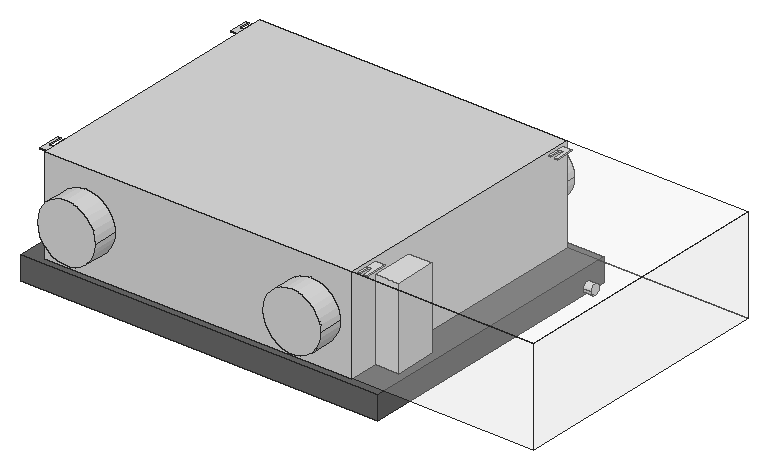
Revit family "lgh-n50_100rhw_rhp_60Hz", category 機械設備, Revit 2019
Family settings
  丸型コネクタ寸法 = 直径を使用
  パーツ タイプ = 標準
  OmniClass 番号 = 23.75.10.34.21
  OmniClass タイトル = Heat Exchangers for Ventilation Air
  作業面ベース = いいえ
  常に垂直 = はい
  ロード時にボイドで切り取り = いいえ
  共有 = いいえ
  部屋計算ポイント = はい
Parameters (values of type "LGH-N50RHP")
  騒音レベル(dB(A)) = 34
  風量 = MAX風量  # 500.0 m³/h
  面風速 = 4.42 m/s
  電源種別 [instance] = "一般"
  電圧 = 100 V
  電動機出力 = 0 W
  集中コントローラ = ""
  運転質量 = 0.00 kg
  連動 [instance] = ""
  質量 = if(製品質量 > 運転質量, 製品質量, 運転質量) * 1.2  # 50.40 kg
  負荷分類 = 3_ファン類
  説明 = "業務用ロスナイ 耐湿形"
  設計風量 = 0.0 m³/h
  設置方法 = "天井吊(隠ぺい)形"
  記号 [instance] = ""
  製造元 = "三菱電機株式会社"
  製品質量 = 42.00 kg
  製品出荷対象 = "国内"
  製品リリース年月 = "2013/7/1"
  製品グループ = ""
  系統 [instance] = ""
  符号 = "HEU"
  積算_科目 = "1 空気調和設備"
  積算_拾い区分 [instance] = ""
  相 = 1
  盤記号 [instance] = ""
  発停方法 [instance] = "別売スイッチ"
  特殊仕様 [instance] = ""
  点検口高さ = -317 mm
  点検口離隔 = 150 mm
  点検口_Width = 点検口_Depth  # 450 mm
  点検口_Depth = 450 mm
  点検口 = yes
  火災停止 [instance] = ""
  温度交換効率 = 67.00%
  消費電力_加湿器 = 0 W
  消費電力 = 281 W
  法定耐用年数 = "15"
  機外静圧_排気 = 150.0 Pa
  機外静圧 = 150.0 Pa
  極数 = 2
  材質 [instance] = ""
  本体マテリアル = ポリエステル塗装鋼板
  有効加湿量 = 3.2
  操作・制御方式 = ""
  操作・制御スイッチ = ""
  排気量 = 0.0 m³/h
  形式_加湿器 = ""
  形式 = "天井埋込ダクト形"
  幹線記号 [instance] = ""
  対象室 [instance] = ""
  実風量 = 0.0 m³/h
  始動方式 [instance] = "直入"
  天吊金具_径 = 6.5 mm
  天吊金具_幅 = 30 mm
  外気量 = 設計風量  # 0.0 m³/h
  呼称 = "全熱交換ユニット"
  周波数 = 60 Hz
  天吊金具ピッチ2 = 790 mm
  天吊金具ピッチ1 = 1048 mm
  天吊金具_高さ = 7 mm
  参照している仕様書等のバージョン = ""
  初期抵抗 = 0.0 Pa
  分類コード = "50054502100010"
  分類グループ = ""
  価格 = 345000
  企業コード = "108420"
  付属品_フィルター_還気 = ""
  付属品_フィルター = ""
  付属品 [instance] = ""
  仕様書バージョン = "Version1.0"
  モデル = "LGH-N50RHP"
  メンテナンススペース = yes
  ドレン管径 = 32 mm
  ドレン管_D = 71 mm
  ドレン管_H = 374 mm
  ドレン管_Depth = 28 mm
  ドレン皿材質 = ABS樹脂
  ドレン皿_Height = 77 mm
  コメント [instance] = ""
  Keynote = ""
  エンタルピ交換効率_暖房 = 0.00%
  エンタルピ交換効率_冷房 = 0.00%
  Assembly Code = ""
  Width = 1016 mm
  Version = ""
  Uniclass2015Version = "Systems v1.9"
  Uniclass2015Title = "Thermal wheels"
  Uniclass2015Code = "Pr_60_60_36_88"
  URL = "https://www.mitsubishielectric.co.jp/ldg/wink/ssl/displayProduct.do?pid=212042"
  SpecificationReference = ""
  SpecificationDescription = ""
  SAサイズ_W = 0 mm
  SAサイズ_D = 192 mm
  Revision = ""
  RAサイズ_W = 0 mm
  RAサイズ_D = 192 mm
  ProductInformation = ""
  OmniClassCode = "23-27 23 19 11"
  OAサイズ_W = 0 mm
  OAサイズ_D = 192 mm
  ドレン皿_Width = 1183 mm
  ドレン皿_Depth = 934 mm
  MIN風量 = 260.0 m³/h
  MIN静圧 = 40.0 Pa
  MAX風量 = 500.0 m³/h
  MAX静圧 = 150.0 Pa
  IfcTypeProduct = ""
  IfcProduct = ""
  IfcExportType = "ROTARYWHEEL"
  IfcExportAs = "IfcAirToAirHeatRecoveryType"
  Height = 317 mm
  EAサイズ_W = 0 mm
  EAサイズ_D = 192 mm
  Duct_Pitch = 745 mm
  Duct_Height = 158.5 mm
  Duct_Depth = 79 mm
  Depth = 888 mm
  Clearance Top = 0 mm
  Clearance Right = 600 mm
  Clearance Bottom = 0 mm
  Box_Depth = 136 mm
  Box_Height = 267 mm
  Box_H = 46 mm
  Box_Width = 80 mm
  Box_D = 94 mm
  Author = "三菱電機株式会社"
Types (4, lengths in mm): name | 騒音レベル(dB(A)) | 風量 | 面風速 | 質量 | 製品質量 | 点検口高さ | 消費電力 | 機外静圧_排気 | 機外静圧 | 天吊金具ピッチ2 | 天吊金具ピッチ1 | 分類コード | 価格 | モデル | ドレン管_D | ドレン管_H | エンタルピ交換効率_暖房 | エンタルピ交換効率_冷房 | Width | URL | SAサイズ_D | RAサイズ_D | OAサイズ_D | ドレン皿_Width | ドレン皿_Depth | MIN風量 | MIN静圧 | MAX風量 | MAX静圧 | Height | EAサイズ_D | Duct_Pitch | Duct_Height | Depth | Box_H | Box_D
  LGH-N50RHP | 34 | 500.0 m³/h | 4.42 m/s | 50.40 kg | 42.00 kg | -317 | 281 W | 150.0 Pa | 150.0 Pa | 790 | 1048 | "50054502100010" | 345000 | "LGH-N50RHP" | 71 | 374 | 0.00% | 0.00% | 1016 | "https://www.mitsubishielectric.co.jp/ldg/wink/ssl/displayProduct.do?pid=212042" | 192 | 192 | 192 | 1183 | 934 | 260.0 m³/h | 40.0 Pa | 500.0 m³/h | 150.0 Pa | 317 | 192 | 745 | 158.5 | 888 | 46 | 94
  LGH-N50RHW | 34 | 500.0 m³/h | 4.42 m/s | 50.40 kg | 42.00 kg | -317 | 281 W | 150.0 Pa | 150.0 Pa | 790 | 1048 | "50052504100070" | 376000 | "LGH-N50RHW" | 71 | 374 | 53.00% | 46.00% | 1016 | "https://www.mitsubishielectric.co.jp/ldg/wink/ssl/displayProduct.do?pid=212461" | 192 | 192 | 192 | 1183 | 934 | 260.0 m³/h | 40.0 Pa | 500.0 m³/h | 150.0 Pa | 317 | 192 | 745 | 158.5 | 888 | 46 | 94
  LGH-N100RHP | 37 | 1000.0 m³/h | 5.66 m/s | 99.60 kg | 83.00 kg | -398 | 630 W | 180.0 Pa | 180.0 Pa | 1030 | 1263 | "50054502100010" | 653000 | "LGH-N100RHP" | 90 | 455 | 0.00% | 0.00% | 1231 | "https://www.mitsubishielectric.co.jp/ldg/wink/ssl/displayProduct.do?pid=212043" | 242 | 242 | 242 | 1398 | 1210 | 680.0 m³/h | 85.0 Pa | 1000.0 m³/h | 180.0 Pa | 398 | 242 | 920 | 199 | 1164 | 127 | 129
  LGH-N100RHW | 37 | 1000.0 m³/h | 5.66 m/s | 99.60 kg | 83.00 kg | -398 | 630 W | 180.0 Pa | 180.0 Pa | 1030 | 1263 | "50052504100070" | 696000 | "LGH-N100RHW" | 90 | 455 | 55.00% | 46.00% | 1231 | "https://www.mitsubishielectric.co.jp/ldg/wink/ssl/displayProduct.do?pid=212460" | 242 | 242 | 242 | 1398 | 1210 | 680.0 m³/h | 85.0 Pa | 1000.0 m³/h | 180.0 Pa | 398 | 242 | 920 | 199 | 1164 | 127 | 129
Reference planes
  plane 1 "中心(正面/背面)": y = 0
  plane 2: z = 0
  plane 3 "中心(左/右)": x = 0
  plane 4: x = -508
  plane 5: x = 508
  plane 6: y = 444
  plane 7: y = -444
  plane 8: z = -317
  plane 9: z = -158.5
  plane 10: y = -523
  plane 11: y = 523
  plane 12: x = -372.5
  plane 13: x = 372.5
  plane 14: y = -350
  plane 15: z = -46
  plane 16: y = -214
  plane 17: z = -313
  plane 18: x = 588
  plane 19: y = 396
  plane 20: z = -374
  plane 21: x = 640
  plane 22: z = 0
  plane 23: y = 225
  plane 24: x = -524
  plane 25: x = 524
  plane 26: y = -395
  plane 27: y = 395
  plane 28: y = 300.5
  plane 29: y = -225
  plane 30: x = -540
  plane 31: x = 540
  plane 32: y = 365
  plane 33: y = 425
  plane 34: z = -7
  plane 35: z = -10
  plane 36: y = -365
  plane 37: y = -425
  plane 38: x = 1108
  plane 39: x = 658
  plane 40: z = -394
  plane 41: x = -571
  plane 42: x = 612
  plane 43: y = 467
  plane 44: y = -467
  plane 45: z = -317
Forms (mm)
  Extrusion 1, solid, material "ポリエステル塗装鋼板" <- "本体マテリアル", detail levels fine
    sketch origin (0, 0, 0) x (1, 0, 0) y (0, 1, 0)
      loop
        line (-508, 444) -> (-508, -444) -> (508, -444) -> (508, 444) -> (-508, 444)
    from 0 to -317
  Extrusion 2, solid, material "ポリエステル塗装鋼板" <- "本体マテリアル", detail levels fine
    sketch origin (0, 0, 0) x (1, 0, 0) y (0, 0, 1)
      loop
        circle (-372.5, -158.5) r 96
    from 444 to 523
  Extrusion 3, solid, material "ポリエステル塗装鋼板" <- "本体マテリアル", detail levels fine
    sketch origin (0, 0, 0) x (1, 0, 0) y (0, 0, 1)
      loop
        circle (-372.5, -158.5) r 96
    from -523 to -444
  Extrusion 4, solid, material "ポリエステル塗装鋼板" <- "本体マテリアル", detail levels fine
    sketch origin (0, 0, 0) x (1, 0, 0) y (0, 0, 1)
      loop
        circle (372.5, -158.5) r 96
    from -523 to -444
  Extrusion 5, solid, material "ポリエステル塗装鋼板" <- "本体マテリアル", detail levels fine
    sketch origin (0, 0, 0) x (0, 1, 0) y (0, 0, 1)
      loop
        line (-350, -46) -> (-350, -313) -> (-214, -313) -> (-214, -46) -> (-350, -46)
    from 588 to 508
  Extrusion 6, solid, material "ポリエステル塗装鋼板" <- "本体マテリアル", detail levels fine
    sketch origin (0, 0, 0) x (0, 1, 0) y (0, 0, 1)
      loop
        circle (396, -374) r 16
    from 640 to 612
  Extrusion 7, solid, material "ポリエステル塗装鋼板" <- "本体マテリアル", detail levels fine
    sketch origin (0, 0, 0) x (1, 0, 0) y (0, 0, 1)
      loop
        circle (372.5, -158.5) r 96
    from 444 to 523
  Extrusion 8, solid, material "ABS樹脂" <- "ドレン皿材質"
    sketch origin (0, 0, 0) x (1, 0, 0) y (0, 1, 0)
      loop
        line (-571, 467) -> (-571, -467) -> (612, -467) -> (612, 467) -> (-571, 467)
    from -394 to -317
  Extrusion 9, solid, material "ポリエステル塗装鋼板" <- "本体マテリアル"
    sketch origin (0, 0, 0) x (1, 0, 0) y (0, 1, 0)
      loop
        line (-540, 425) -> (-540, 365) -> (-508, 365) -> (-508, 425) -> (-517.5, 425) -> (-517.5, 395)
        arc (-517.5, 395) -> (-524, 388.5) -> (-530.5, 395) r 6.5
        line (-530.5, 395) -> (-530.5, 425) -> (-540, 425)
    from -10 to -7
  Extrusion 10, solid, material "ポリエステル塗装鋼板" <- "本体マテリアル"
    sketch origin (0, -700, 0) x (1, 0, 0) y (0, 1, 0)
      loop
        line (-540, 350) -> (-540, 275) -> (-508, 275) -> (-508, 350) -> (-517.5, 350) -> (-517.5, 305)
        arc (-517.5, 305) -> (-524, 298.5) -> (-530.5, 305) r 6.5
        line (-530.5, 305) -> (-530.5, 350) -> (-540, 350)
    from -10 to -7
  Extrusion 11, solid, material "ポリエステル塗装鋼板" <- "本体マテリアル"
    sketch origin (0, -700, 0) x (-1, 0, 0) y (0, -1, 0)
      loop
        line (-508, -275) -> (-517.5, -275) -> (-517.5, -305)
        arc (-517.5, -305) -> (-524, -311.5) -> (-530.5, -305) r 6.5
        line (-530.5, -305) -> (-530.5, -275) -> (-540, -275) -> (-540, -350) -> (-508, -350) -> (-508, -275)
    from -10 to -7
  Extrusion 12, solid, material "ポリエステル塗装鋼板" <- "本体マテリアル"
    sketch origin (0, 0, 0) x (-1, 0, 0) y (0, -1, 0)
      loop
        line (-508, -365) -> (-517.5, -365) -> (-517.5, -395)
        arc (-517.5, -395) -> (-524, -401.5) -> (-530.5, -395) r 6.5
        line (-530.5, -395) -> (-530.5, -365) -> (-540, -365) -> (-540, -425) -> (-508, -425) -> (-508, -365)
    from -10 to -7
Lines and regions (mm)
  Masking region 1, detail levels coarse+medium
    outline origin (0, 0, 0) x (1, 0, 0) y (0, 1, 0)
      loop
        line (-508, 444) -> (-508, -444) -> (508, -444) -> (508, 444) -> (-508, 444)
  symbolic lines, detail levels coarse+medium
    curve 1: line (-1.977, 441.477, 0) -> (-508, 0, 0)
    curve 2: line (-508, 0, 0) -> (1.977, -441.477, 0)
    curve 3: line (1.977, -441.477, 0) -> (508, 0, 0)
    curve 4: line (508, 0, 0) -> (-1.977, 441.477, 0)
Dimensions and locks
  equal spacing: plane 4, plane 3 "中心(左/右)", plane 5
  "Width": plane 4 to plane 5
  equal spacing: plane 6, plane 1 "中心(正面/背面)", plane 7
  "Depth": plane 6 to plane 7
  "Duct_Depth": plane 7 to plane 10
  "Duct_Depth": plane 6 to plane 11
  equal spacing: plane 12, plane 3 "中心(左/右)", plane 13
  "Duct_Pitch": plane 12 to plane 13
  "Box_D": plane 14 to plane 7
  "Box_Depth": plane 16 to plane 14
  "Box_Height": plane 15 to plane 17
  "Clearance Top": level to plane 22
  equal spacing: plane 24, plane 3 "中心(左/右)", plane 25
  "天吊金具ピッチ1": plane 24 to plane 25
  equal spacing: plane 27, plane 1 "中心(正面/背面)", plane 26
  "天吊金具ピッチ2": plane 27 to plane 26
  equal spacing: plane 33, plane 27, plane 32
  "天吊金具_高さ": level to plane 34
  locked: plane 34 to plane 35 at 3
  equal spacing: plane 37, plane 26, plane 36
  "Box_Width": plane 5 to plane 18
  "Clearance Right": plane 5 to plane 38
  "点検口離隔": plane 5 to plane 39
  equal spacing: plane 23, plane 1 "中心(正面/背面)", plane 29
  "点検口_Depth": plane 23 to plane 29
  "ドレン皿_Width": plane 41 to plane 42
  equal spacing: plane 43, plane 1 "中心(正面/背面)", plane 44
  "ドレン皿_Depth": plane 43 to plane 44
  "ドレン管_H": plane 20 to level
  "ドレン管_Depth": plane 42 to plane 21
  "天吊金具_幅": plane 33 to plane 27
  "天吊金具_幅": plane 36 to plane 26
  equal spacing: plane 30, plane 24, plane 4
  equal spacing: plane 5, plane 25, plane 31
  "天吊金具_径": nested 2 to Extrusion 9 sketch curve
  "天吊金具_径": plane 24 to Extrusion 10 sketch curve
  "天吊金具_径": plane 25 to Extrusion 11 sketch curve
  "天吊金具_径": plane 25 to Extrusion 12 sketch curve
  "ドレン管_D": plane 19 to plane 43
  "Box_H": level to plane 15
  "Duct_Height": level to plane 9
  "Height": level to plane 8
  "ドレン皿_Height": plane 8 to plane 40
  locked: plane 5 to plane 42 at 104
  "Clearance Bottom": plane 8 to plane 45
  "OAサイズ_D": diameter of Extrusion 3 sketch curve
  "EAサイズ_D": diameter of Extrusion 4 sketch curve
  "ドレン管径": diameter of Extrusion 6 sketch curve
  "RAサイズ_D": diameter of Extrusion 2 sketch curve
  "SAサイズ_D": diameter of Extrusion 7 sketch curve
  "天吊金具_径": radius of Extrusion 9 sketch curve
  "天吊金具_径": radius of Extrusion 10 sketch curve
  "天吊金具_径": radius of Extrusion 11 sketch curve
  "天吊金具_径": radius of Extrusion 12 sketch curve
  aligned and locked: level to plane 2
  aligned and locked: Masking region 1 to plane 7
  aligned and locked: Masking region 1 to plane 4
  aligned and locked: plane 6 to Masking region 1
  aligned and locked: plane 5 to Masking region 1
  aligned and locked: Extrusion 1 to plane 8
  aligned and locked: plane 7 to Extrusion 2
  aligned and locked: Extrusion 4 to plane 11
  aligned and locked: Extrusion 3 to plane 11
  aligned and locked: Extrusion 3 to plane 6
  aligned and locked: Extrusion 4 to plane 6
  aligned and locked: Extrusion 5 to plane 18
  aligned and locked: Extrusion 5 to plane 17
  aligned and locked: plane 14 to Extrusion 5
  aligned and locked: Extrusion 5 to plane 16
  aligned and locked: plane 15 to Extrusion 5
  aligned and locked: Extrusion 6 to plane 21
  aligned and locked: nested 1 to plane 6
  aligned and locked: nested 1 to plane 7
  aligned and locked: plane 25 to nested 2
  aligned and locked: plane 27 to nested 2
  aligned and locked: nested 2 to plane 26
  aligned and locked: plane 24 to nested 2
  aligned and locked: nested 3 to plane 23
  aligned and locked: plane 29 to nested 3
  aligned and locked: Extrusion 2 to plane 10
  aligned and locked: Extrusion 2 to Extrusion 7
  aligned and locked: Extrusion 7 to Masking region 1
  aligned and locked: Extrusion 5 to plane 5
  aligned and locked: nested 1 to plane 38
  aligned and locked: plane 5 to nested 1
  aligned and locked: nested 3 to plane 38
  aligned and locked: nested 3 to plane 39
  aligned and locked: Extrusion 8 sketch curve to plane 43
  aligned and locked: plane 41 to Extrusion 8 sketch curve
  aligned and locked: Extrusion 8 sketch curve to plane 44
  aligned and locked: plane 42 to Extrusion 8 sketch curve
  aligned and locked: Extrusion 8 to Extrusion 1
  aligned and locked: plane 8 to Extrusion 8
  aligned and locked: Extrusion 8 to plane 40
  aligned and locked: plane 42 to Extrusion 6
  aligned and locked: plane 4 to Extrusion 9 sketch curve
  aligned and locked: Extrusion 9 sketch curve to plane 32
  aligned and locked: Extrusion 9 sketch curve to plane 30
  aligned and locked: plane 33 to Extrusion 9 sketch curve  (x2)
  aligned and locked: plane 4 to Extrusion 10 sketch curve
  aligned and locked: Extrusion 10 sketch curve to plane 37
  aligned and locked: Extrusion 10 sketch curve to plane 30
  aligned and locked: plane 14 to Extrusion 10 sketch curve  (x2)
  aligned and locked: plane 31 to Extrusion 11 sketch curve
  aligned and locked: plane 14 to Extrusion 11 sketch curve
  aligned and locked: plane 5 to Extrusion 11 sketch curve
  aligned and locked: Extrusion 11 sketch curve to plane 37  (x2)
  aligned and locked: plane 31 to Extrusion 12 sketch curve
  aligned and locked: plane 33 to Extrusion 12 sketch curve
  aligned and locked: plane 5 to Extrusion 12 sketch curve
  aligned and locked: Extrusion 12 sketch curve to plane 32  (x2)
  aligned and locked: Extrusion 10 to plane 35
  aligned and locked: plane 34 to Extrusion 10
  aligned and locked: Extrusion 9 to plane 35
  aligned and locked: plane 34 to Extrusion 9
  aligned and locked: Extrusion 11 to plane 35
  aligned and locked: plane 34 to Extrusion 11
  aligned and locked: Extrusion 12 to plane 35
  aligned and locked: plane 34 to Extrusion 12
  aligned and locked: plane 22 to nested 1
  aligned and locked: plane 45 to nested 1
Automatic sketch dimensions
  plane 1 "中心(正面/背面)" to curve 1 = 0 mm
  curve 1 to plane 4 = 0 mm
  plane 1 "中心(正面/背面)" to curve 4 = 0 mm
  curve 4 to plane 5 = 0 mm
  curve 4 to plane 3 "中心(左/右)" = 1.977 mm
  plane 3 "中心(左/右)" to curve 3 = 1.977 mm
  plane 7 to curve 3 = 2.523 mm
  curve 4 to plane 6 = 2.523 mm
  Masking region 1 sketch curve to plane 4 = 0 mm
  Masking region 1 sketch curve to plane 5 = 0 mm
  Masking region 1 sketch curve to plane 7 = 0 mm
  Masking region 1 sketch curve to plane 6 = 0 mm
  Extrusion 1 sketch curve to plane 4 = 0 mm
  Extrusion 1 sketch curve to plane 5 = 0 mm
  Extrusion 1 sketch curve to plane 7 = 0 mm
  Extrusion 1 sketch curve to plane 6 = 0 mm
  Extrusion 2 sketch curve to plane 9 = 0 mm
  plane 12 to Extrusion 2 sketch curve = 0 mm
  Extrusion 3 sketch curve to plane 9 = 0 mm
  plane 12 to Extrusion 3 sketch curve = 0 mm
  Extrusion 4 sketch curve to plane 9 = 0 mm
  plane 13 to Extrusion 4 sketch curve = 0 mm
  Extrusion 5 sketch curve to plane 14 = 0 mm
  Extrusion 5 sketch curve to plane 16 = 0 mm
  Extrusion 5 sketch curve to plane 17 = 0 mm
  Extrusion 5 sketch curve to plane 15 = 0 mm
  Extrusion 6 sketch curve to plane 19 = 0 mm
  plane 20 to Extrusion 6 sketch curve = 0 mm
  Extrusion 7 sketch curve to plane 9 = 0 mm
  plane 13 to Extrusion 7 sketch curve = 0 mm
  Extrusion 9 sketch curve to plane 27 = 0 mm
  Extrusion 10 sketch curve to plane 26 = 0 mm
  Extrusion 11 sketch curve to plane 26 = 0 mm
  Extrusion 12 sketch curve to plane 27 = 0 mm
Nested families
  nested 1: "メンテナンススペース" at (808, 0, -158.5), visible <- "メンテナンススペース", type "メンテナンススペース"
    with Width 600 mm, Height 317 mm, Depth 888 mm
  nested 2: "固定点" at (-524, -395, 0), type "固定点"
    with W 1048 mm, D 790 mm
  nested 3: "点検口設置範囲" at (883, 0, -317), Width <- "点検口_Width", built-in parameter 1001364 <- "点検口高さ", visible <- "点検口", type "点検口設置範囲"
    with Width 450 mm, Depth 450 mm
Connectors
  electrical at (548, -350, -179.5), driven by "極数", driven by "負荷分類", driven by "電圧", driven by "消費電力"
    settings: on Extrusion 5, index 1, voltage 100 V, apparent load 281 VA, apparent load phase1 0 VA, apparent load phase2 0 VA, apparent load phase3 0 VA, power factor 1, load classification "3_ファン類", number of poles 2, system type 30, power factor state 1, is connector primary yes, connector utility no, sub classification motor no, connector description ""
  piping at (640, 396, -374), diameter 32, driven by "ドレン管径"
    settings: on Extrusion 6, index 5, connector inside diameter 609.6 mm, connector length 0 mm, flow factor 0, pipe flow 0.0 L/s, pressure drop 0.0 Pa, fitting loss kfactor 0, connector angle 0.00°, fixture units 0, engagement length 0 mm, angle of deflection 0.00°, flow configuration 0, flow direction 2, fitting loss method 0, system type 16, joint type 0, gender type 0, connector reference index -1, connector utility 0, adjustable connector no, is connector primary yes, connector description ""
  hvac at (-372.5, -523, -158.5), driven by "SAサイズ_D", driven by "MAX静圧", driven by "風量"
    settings: on Extrusion 2, index 6, duct flow 500.0 m³/h, flow factor 0, pres drop 150.0 Pa, loss coef 0, conn angle 0.00°, conn width 304.8 mm, conn height 304.8 mm, conn diameter 192 mm, duct sys type 2, conn prof type 0, flow config 1, flow direction 1, loss method 4, conn ref index -1, conn util no, is conn primary yes, conn desc ""
  hvac at (372.5, 523, -158.5), driven by "機外静圧_排気", driven by "排気量", driven by "EAサイズ_D"
    settings: on Extrusion 4, index 8, duct flow 0.0 m³/h, flow factor 0, pres drop 150.0 Pa, loss coef 0, conn angle 0.00°, conn width 304.8 mm, conn height 304.8 mm, conn diameter 192 mm, duct sys type 4, conn prof type 0, flow config 0, flow direction 1, loss method 4, conn ref index -1, conn util no, is conn primary no, conn desc ""
  hvac at (-372.5, 523, -158.5), driven by "機外静圧", driven by "外気量", driven by "OAサイズ_D"
    settings: on Extrusion 3, index 9, duct flow 0.0 m³/h, flow factor 0, pres drop 150.0 Pa, loss coef 0, conn angle 0.00°, conn width 304.8 mm, conn height 304.8 mm, conn diameter 192 mm, duct sys type 3, conn prof type 0, flow config 0, flow direction 2, loss method 4, conn ref index -1, conn util no, is conn primary no, conn desc ""
  hvac at (372.5, -523, -158.5), driven by "RAサイズ_D", driven by "機外静圧", driven by "風量"
    settings: on Extrusion 7, index 12, duct flow 500.0 m³/h, flow factor 0, pres drop 150.0 Pa, loss coef 0, conn angle 0.00°, conn width 304.8 mm, conn height 304.8 mm, conn diameter 192 mm, duct sys type 1, conn prof type 0, flow config 0, flow direction 2, loss method 4, conn ref index -1, conn util no, is conn primary no, conn desc ""
Definition of nested family "メンテナンススペース"
  Parameters (values of type "メンテナンススペース")
    Width [instance] = 500 mm
    Height [instance] = 500 mm
    Depth [instance] = 500 mm
  Reference planes
    plane 1 "中心(正面/背面)": y = 0
    plane 2: z = 0
    plane 3 "中心(左/右)": x = 0
    plane 4: y = -250
    plane 5: x = 250
    plane 6: y = 250
    plane 7: x = -250
    plane 8: z = 250
    plane 9: z = -250
  Forms (mm)
    Extrusion 1, solid
      sketch origin (-638.939, 0, 72.39) x (1, 0, 0) y (0, 1, 0)
        loop
          line (388.939, 250) -> (388.939, -250) -> (888.939, -250) -> (888.939, 250) -> (388.939, 250)
      from -322.39 to 177.61
  Lines and regions (mm)
    symbolic lines
      curve 1: line (-250, 0, 250) -> (250, 0, 250)
      curve 2: line (-250, 0, -250) -> (-250, 0, 250)
      curve 3: line (250, 0, -250) -> (-250, 0, -250)
      curve 4: line (250, 0, 250) -> (250, 0, -250)
      curve 5: line (0, -250, 250) -> (0, 250, 250)
      curve 6: line (0, -250, -250) -> (0, -250, 250)
      curve 7: line (0, 250, -250) -> (0, -250, -250)
      curve 8: line (0, 250, 250) -> (0, 250, -250)
      curve 9: line (-250, 250, 0) -> (250, 250, 0)
      curve 10: line (-250, -250, 0) -> (-250, 250, 0)
      curve 11: line (250, -250, 0) -> (-250, -250, 0)
      curve 12: line (250, 250, 0) -> (250, -250, 0)
  Dimensions and locks
    equal spacing: plane 7, plane 3 "中心(左/右)", plane 5
    equal spacing: plane 4, plane 1 "中心(正面/背面)", plane 6
    "Depth": plane 4 to plane 6
    "Width": plane 7 to plane 5
    equal spacing: plane 8, plane 2, plane 9
    "Height": plane 8 to plane 9
    aligned and locked: plane 9 to curve 3
    aligned and locked: plane 7 to curve 2
    aligned and locked: curve 4 to plane 5
    aligned and locked: plane 5 to Extrusion 1
    aligned and locked: Extrusion 1 to plane 7
    aligned and locked: Extrusion 1 to plane 9
    aligned and locked: plane 8 to Extrusion 1
    aligned and locked: plane 9 to curve 7
  Automatic sketch dimensions
    plane 4 to Extrusion 1 sketch curve = 0 mm
    Extrusion 1 sketch curve to plane 7 = 0 mm
    Extrusion 1 sketch curve to plane 5 = 0 mm
    plane 6 to Extrusion 1 sketch curve = 0 mm
    curve 2 to plane 8 = 0 mm
    plane 4 to curve 11 = 0 mm
    curve 11 to plane 7 = 0 mm
    curve 11 to plane 5 = 0 mm
    plane 6 to curve 10 = 0 mm
    curve 7 to plane 4 = 0 mm
    curve 7 to plane 6 = 0 mm
    curve 6 to plane 8 = 0 mm
Definition of nested family "固定点"
  Parameters (values of type "固定点")
    中心円 = 20 mm
    W [instance] = 1000 mm
    D [instance] = 1000 mm
  Reference planes
    plane 1 "中心(正面/背面)": y = 0
    plane 2: z = 0
    plane 3 "中心(左/右)": x = 0
    plane 4: x = 1000
    plane 5: y = 1000
  Lines and regions (mm)
    symbolic lines, detail levels fine
      curve 1: circle (0, 1000, 0) r 10 normal (0, 0, 1)
      curve 2: circle (0, 0, 0) r 10 normal (0, 0, 1)
      curve 3: circle (1000, 1000, 0) r 10 normal (0, 0, 1)
      curve 4: circle (1000, 0, 0) r 10 normal (0, 0, 1)
      curve 5: line (-200, 1000, 0) -> (1200, 1000, 0)
      curve 6: line (-200, 0, 0) -> (1200, 0, 0)
      curve 7: line (0, 1200, 0) -> (0, -200, 0)
      curve 8: line (1000, 1200, 0) -> (1000, -200, 0)
  Dimensions and locks
    "W": plane 3 "中心(左/右)" to plane 4
    "D": plane 1 "中心(正面/背面)" to plane 5
    "中心円": diameter of curve 1
    "中心円": diameter of curve 2
    "中心円": diameter of curve 3
    "中心円": diameter of curve 4
    aligned and locked: level to plane 2
    aligned and locked: plane 5 to curve 1
    aligned and locked: plane 3 "中心(左/右)" to curve 1
    aligned and locked: plane 3 "中心(左/右)" to curve 2
    aligned and locked: plane 1 "中心(正面/背面)" to curve 2
    aligned and locked: plane 4 to curve 3
    aligned and locked: plane 5 to curve 3
    aligned and locked: plane 1 "中心(正面/背面)" to curve 4
    aligned and locked: plane 4 to curve 4
    aligned and locked: plane 1 "中心(正面/背面)" to curve 6
    aligned and locked: curve 7 to plane 3 "中心(左/右)"
    aligned and locked: curve 8 to plane 4
  Automatic sketch dimensions
    curve 5 to plane 5 = 0 mm
    curve 6 to plane 3 "中心(左/右)" = 200 mm
    curve 5 to plane 3 "中心(左/右)" = 200 mm
    curve 4 to curve 6 = 200 mm
    curve 3 to curve 5 = 200 mm
    plane 1 "中心(正面/背面)" to curve 8 = 200 mm
    plane 1 "中心(正面/背面)" to curve 7 = 200 mm
    curve 3 to curve 8 = 200 mm
    curve 1 to curve 7 = 200 mm
Definition of nested family "点検口設置範囲"
  Parameters (values of type "点検口設置範囲")
    Width [instance] = 1000 mm
    Depth [instance] = 700 mm
  Reference planes
    plane 1 "中心(正面/背面)": y = 0
    plane 2: z = 0
    plane 3 "中心(左/右)": x = 0
    plane 4: x = -500
    plane 5: x = 500
    plane 6: y = -350
    plane 7: y = 350
  Lines and regions (mm)
    model lines
      curve 1: line (-500, 350, 0) -> (500, 350, 0)
      curve 2: line (-500, -350, 0) -> (-500, 350, 0)
      curve 3: line (500, -350, 0) -> (-500, -350, 0)
      curve 4: line (500, 350, 0) -> (500, -350, 0)
  Dimensions and locks
    "Depth": plane 7 to plane 6
    "Width": plane 4 to plane 5
    equal spacing: plane 7, plane 1 "中心(正面/背面)", plane 6
    equal spacing: plane 4, plane 3 "中心(左/右)", plane 5
    aligned and locked: level to plane 2
    aligned and locked: plane 4 to curve 2
    aligned and locked: curve 1 to plane 7
    aligned and locked: curve 4 to plane 5
    aligned and locked: plane 6 to curve 3
